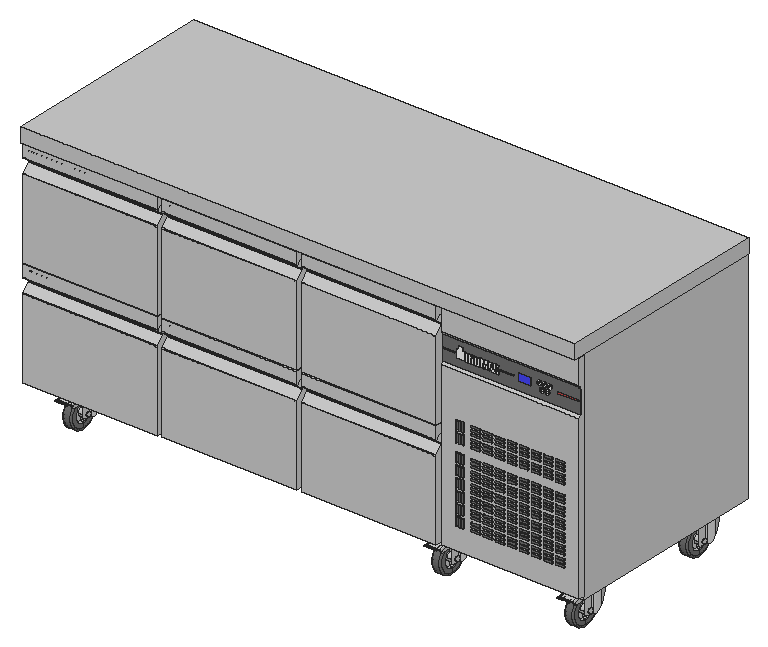
Revit family "QF_INOMAK_PNRP999_250513020157", category Specialty Equipment, Revit 2021 (continued)
Definition of nested family "QF_INOMAK_REF_COUNTERS_DOORS_DRAWERS_16448"
  Parameters (values of type "DR-LX-710")
    URL = "www.inomak.com"
    Top inset [instance] = 10 mm
    Technical Documentation [instance] = ""
    Tag Number [instance] = ""
    Status [instance] = ""
    Specification by User [instance] = ""
    Specification by Manufacturer [instance] = ""
    Sound Level [instance] = ""
    Solid Fuel Type [instance] = ""
    Show Logo [instance] = yes
    Show Clearances [instance] = yes
    Service Life Duration [instance] = ""
    Serial Number [instance] = ""
    Seismic Rating [instance] = ""
    SMACNA No [instance] = ""
    Right panel thickness [instance] = 0 mm
    Revision Code [instance] = ""
    Revision [instance] = ""
    Rear inset [instance] = 0 mm
    Production Year [instance] = ""
    Point Load [instance] = 0
    Plinth height [instance] = 0 mm
    Other Equipment Approvals [instance] = ""
    NAFEM Spec ID Number [instance] = ""
    Model Warning [instance] = ""
    Model = "DR-LX-710"
    Masterspec [instance] = ""
    Manufacturer = "INOMAK"
    Length Actual [instance] = 435 mm
    Left panel thickness [instance] = 0 mm
    Item Number [instance] = ""
    Installed By [instance] = ""
    Installation Date [instance] = ""
    Identify Quantity as Lot [instance] = yes
    ID [instance] = ""
    Hygiene Approval [instance] = ""
    Height Actual [instance] = 710 mm
    Furnished By [instance] = ""
    Front inset [instance] = 10 mm
    Foodservice Equipment Identifier [instance] = yes
    Finish [instance] = none
    ETL Approved [instance] = yes
    Doors drawers type [instance] = 8
    Description = "LEFT HINGED DOOR"
    Depth Actual [instance] = 700 mm
    Default Elevation = 0 mm
    CSI MasterFormat [instance] = ""
    CE Approved [instance] = yes
    Bottom inset [instance] = 10 mm
    Barcode [instance] = ""
    Author [instance] = ""
    Asset Identifier [instance] = ""
    Assembly Code = "E1090320"
    Accessory [instance] = yes
  Types (9, lengths in mm): name | Model | Height Actual | Doors drawers type | Description
    DW-2-710 | "DW-2-710" | 710 | 4 | "2 X GN 1/2 DRAWERS"
    DR-LX-710 | "DR-LX-710" | 710 | 8 | "LEFT HINGED DOOR"
    DR-RX-710 | "DR-RX-710" | 710 | 9 | "RIGHT HINGED DOOR"
    DW-3-710 | "DW-3-710" | 710 | 6 | "3 X GN 1/3 DRAWERS"
    DW-B-710 | "DW-B-710" | 710 | 5 | "1 X GN 1/3 & 1 X GN 2/3 DRAWERS"
    DW-2-483 | "DW-2-483" | 483 | 4 | "2 X GN 1/3 DRAWERS"
    DR-LX-483 | "DR-LX-483" | 483 | 8 | "LEFT HINGED DOOR"
    DR-RX-483 | "DR-RX-483" | 483 | 9 | "RIGHT HINGED DOOR"
    DW-1-483 | "DW-1-483" | 483 | 10 | "1 X GN 2/3 DRAWER"
  Reference planes
    plane 1 "Front": y = 0
    plane 2: z = 0
    plane 3 "Left": x = 0
    plane 4 "Right": x = 435
    plane 5 "Back": y = 700
    plane 6 "Top": z = 710
    plane 7 "Bottom shelf": z = 0
    plane 8: z = 700
    plane 9: z = 10
    plane 10: x = 0
    plane 11: x = 435
    plane 12 "Center Top Bottom": z = 355
  Lines and regions (mm)
    reference lines
      curve 1: line (0, 0, 355) -> (0, 25, 355)
      curve 2: line (435, 0, 355) -> (435, 25, 355)
      curve 3: line (0, 700, 355) -> (435, 700, 355)
      curve 4: line (0, 0, 355) -> (435, 0, 355)
  Dimensions and locks
    "Length Actual": plane 3 "Left" to plane 4 "Right"
    "Depth Actual": plane 1 "Front" to plane 5 "Back"
    "Height Actual": plane 6 "Top" to plane 7 "Bottom shelf"
    "Plinth height": plane 7 "Bottom shelf" to plane 2
    "Top inset": plane 6 "Top" to plane 8
    "Bottom inset": plane 9 to plane 7 "Bottom shelf"
    "Left panel thickness": plane 3 "Left" to plane 10
    "Right panel thickness": plane 11 to plane 4 "Right"
    equal spacing: plane 6 "Top", plane 12 "Center Top Bottom", plane 7 "Bottom shelf"
    "Length Actual": curve 1 to plane 4 "Right"
    "Length Actual": plane 3 "Left" to curve 2
    "Depth Actual": plane 1 "Front" to curve 3
    "Depth Actual": plane 5 "Back" to curve 4
    aligned and locked: level to plane 2
    aligned and locked: plane 3 "Left" to nested 1
    aligned and locked: plane 3 "Left" to nested 2
    aligned and locked: plane 3 "Left" to nested 3
    aligned and locked: plane 3 "Left" to nested 4
    aligned and locked: plane 3 "Left" to nested 5
    aligned and locked: plane 3 "Left" to nested 6
    aligned and locked: plane 3 "Left" to nested 7
    aligned and locked: plane 3 "Left" to nested 8
    aligned and locked: plane 3 "Left" to nested 9
    aligned and locked: nested 4 to plane 1 "Front"
    aligned and locked: nested 6 to plane 1 "Front"
    aligned and locked: nested 8 to plane 1 "Front"
    aligned and locked: nested 5 to plane 1 "Front"
    aligned and locked: nested 3 to plane 1 "Front"
    aligned and locked: nested 7 to plane 1 "Front"
    aligned and locked: nested 2 to plane 1 "Front"
    aligned and locked: nested 1 to plane 1 "Front"
    aligned and locked: nested 9 to plane 1 "Front"
  Automatic sketch dimensions
    curve 3 to plane 4 "Right" = 0 mm
    curve 3 to plane 3 "Left" = 0 mm
    curve 2 to curve 2 = 25 mm
    curve 1 to curve 1 = 25 mm
  Nested families
    nested 1: "Right_Door" at (0, 700, 0), Depth Actual <- "Depth Actual", Height Actual <- "Height Actual", Length Actual <- "Length Actual", Front inset <- "Front inset", Rear inset <- "Rear inset", Left panel thickness <- "Left panel thickness", Right panel thickness <- "Right panel thickness", Doors drawers type <- "Doors drawers type", Plinth height <- "Plinth height", Top inset <- "Top inset", Bottom inset <- "Bottom inset", type "Right door"
      with Top inset 10 mm, Right panel thickness 0 mm, Right hand hinged door no, Rear inset 0 mm, Plinth height 0 mm, Length Actual 435 mm, Left panel thickness 0 mm, Height Actual 710 mm, Front inset 10 mm, Doors drawers type 8, Depth Actual 700 mm, Bottom inset 10 mm
    nested 2: "Left_Door" at (0, 700, 0), Depth Actual <- "Depth Actual", Height Actual <- "Height Actual", Length Actual <- "Length Actual", Front inset <- "Front inset", Rear inset <- "Rear inset", Left panel thickness <- "Left panel thickness", Right panel thickness <- "Right panel thickness", Doors drawers type <- "Doors drawers type", Plinth height <- "Plinth height", Top inset <- "Top inset", Bottom inset <- "Bottom inset", type "Left door"
      with Top inset 10 mm, Right panel thickness 0 mm, Rear inset 0 mm, Plinth height 0 mm, Length Actual 435 mm, Left panel thickness 0 mm, Left hand hinged door yes, Height Actual 710 mm, Front inset 10 mm, Doors drawers type 8, Depth Actual 700 mm, Bottom inset 10 mm
    nested 3: "3_Drawers_1-3" at (0, 700, 0), Depth Actual <- "Depth Actual", Height Actual <- "Height Actual", Length Actual <- "Length Actual", Front inset <- "Front inset", Rear inset <- "Rear inset", Left panel thickness <- "Left panel thickness", Right panel thickness <- "Right panel thickness", Doors drawers type <- "Doors drawers type", Plinth height <- "Plinth height", Top inset <- "Top inset", Bottom inset <- "Bottom inset", type "3 Drawers 1-3"
      with Top inset 10 mm, Right panel thickness 0 mm, Rear inset 0 mm, Plinth height 0 mm, Length Actual 435 mm, Left panel thickness 0 mm, Height Actual 710 mm, Front inset 10 mm, Doors drawers type 8, Depth Actual 700 mm, Bottom inset 10 mm, 3 Drawers no
    nested 4: "2_Drawers_1-2" at (0, 700, 0), Depth Actual <- "Depth Actual", Height Actual <- "Height Actual", Length Actual <- "Length Actual", Front inset <- "Front inset", Rear inset <- "Rear inset", Left panel thickness <- "Left panel thickness", Right panel thickness <- "Right panel thickness", Doors drawers type <- "Doors drawers type", Plinth height <- "Plinth height", Top inset <- "Top inset", Bottom inset <- "Bottom inset", type "2 Drawers 1-2"
      with Top inset 10 mm, Right panel thickness 0 mm, Rear inset 0 mm, Plinth height 0 mm, Length Actual 435 mm, Left panel thickness 0 mm, Height Actual 710 mm, Front inset 10 mm, Doors drawers type 8, Depth Actual 700 mm, Bottom inset 10 mm, 2 Drawers no
    nested 5: "2_Drawers_1-3_2-3" at (0, 700, 0), Depth Actual <- "Depth Actual", Height Actual <- "Height Actual", Length Actual <- "Length Actual", Front inset <- "Front inset", Rear inset <- "Rear inset", Left panel thickness <- "Left panel thickness", Right panel thickness <- "Right panel thickness", Doors drawers type <- "Doors drawers type", Plinth height <- "Plinth height", Top inset <- "Top inset", Bottom inset <- "Bottom inset", type "2 Drawers 1-3 and 2-3"
      with Top inset 10 mm, Right panel thickness 0 mm, Rear inset 0 mm, Plinth height 0 mm, Length Actual 435 mm, Left panel thickness 0 mm, Height Actual 710 mm, Front inset 10 mm, Doors drawers type 8, Depth Actual 700 mm, Bottom inset 10 mm, 2 Drawers 1-3 and 2-3 no
    nested 6: "Sliding_Doors" at (0, 700, 0), Depth Actual <- "Depth Actual", Height Actual <- "Height Actual", Length Actual <- "Length Actual", Front inset <- "Front inset", Rear inset <- "Rear inset", Left panel thickness <- "Left panel thickness", Right panel thickness <- "Right panel thickness", Doors drawers type <- "Doors drawers type", Plinth height <- "Plinth height", Top inset <- "Top inset", Bottom inset <- "Bottom inset", Finish <- "Finish", type "Sliding doors"
      with Top inset 10 mm, Sliding doors no, Right panel thickness 0 mm, Rear inset 0 mm, Plinth height 0 mm, Length Actual 435 mm, Left panel thickness 0 mm, Height Actual 710 mm, Front inset 10 mm, Finish none, Doors drawers type 8, Depth Actual 700 mm, Bottom inset 10 mm
    nested 7: "4_Drawers_1-4" at (0, 700, 0), Depth Actual <- "Depth Actual", Height Actual <- "Height Actual", Length Actual <- "Length Actual", Front inset <- "Front inset", Rear inset <- "Rear inset", Left panel thickness <- "Left panel thickness", Right panel thickness <- "Right panel thickness", Doors drawers type <- "Doors drawers type", Plinth height <- "Plinth height", Top inset <- "Top inset", Bottom inset <- "Bottom inset", Finish <- "Finish", type "4 Drawers 1-4"
      with Top inset 10 mm, Right panel thickness 0 mm, Rear inset 0 mm, Plinth height 0 mm, Length Actual 435 mm, Left panel thickness 0 mm, Height Actual 710 mm, Front inset 10 mm, Finish none, Doors drawers type 8, Depth Actual 700 mm, Bottom inset 10 mm, 4 Drawers no
    nested 8: "Hinged_Doors" at (0, 700, 0), Length Actual <- "Length Actual", Depth Actual <- "Depth Actual", Height Actual <- "Height Actual", Front inset <- "Front inset", Rear inset <- "Rear inset", Left panel thickness <- "Left panel thickness", Right panel thickness <- "Right panel thickness", Doors drawers type <- "Doors drawers type", Plinth height <- "Plinth height", Top inset <- "Top inset", Bottom inset <- "Bottom inset", Finish <- "Finish", type "Hinged doors"
      with Top inset 10 mm, Right panel thickness 0 mm, Rear inset 0 mm, Plinth height 0 mm, Length Actual 435 mm, Left panel thickness 0 mm, Hinged doors no, Height Actual 710 mm, Front inset 10 mm, Finish none, Doors drawers type 8, Depth Actual 700 mm, Bottom inset 10 mm
    nested 9: "Hopper" at (0, 700, 1.284), Length Actual <- "Length Actual", Depth Actual <- "Depth Actual", Height Actual <- "Height Actual", Front inset <- "Front inset", Rear inset <- "Rear inset", Left panel thickness <- "Left panel thickness", Right panel thickness <- "Right panel thickness", Doors drawers type <- "Doors drawers type", Plinth height <- "Plinth height", Top inset <- "Top inset", Bottom inset <- "Bottom inset", Finish <- "Finish", type "Hopper"
      with Top inset 10 mm, Right panel thickness 0 mm, Rear inset 0 mm, Plinth height 0 mm, Length Actual 435 mm, Left panel thickness 0 mm, Hopper no, Height Actual 710 mm, Front inset 10 mm, Finish none, Doors drawers type 8, Depth Actual 700 mm, Bottom inset 10 mm
  Definition of nested family "Left_Door"
    Parameters (values of type "Left door")
      URL = "www.specifiglobal.com"
      Top inset [instance] = 10 mm
      Right panel thickness [instance] = 0 mm
      Rear inset [instance] = 0 mm
      Plinth height [instance] = 150 mm
      Model = ""
      Manufacturer = "DEMO CONSULTANT"
      Length Actual [instance] = 700 mm
      Left panel thickness [instance] = 0 mm
      Left hand hinged door [instance] = Doors drawers type = 8  # yes
      Height Actual [instance] = 710 mm
      Front inset [instance] = 10 mm
      Finish = none
      Doors drawers type [instance] = 8
      Description = ""
      Depth Actual [instance] = 700 mm
      Default Elevation = 0 mm
      Bottom inset [instance] = 0 mm
      Assembly Code = "E1090320"
    Reference planes
      plane 1 "Back": y = 0
      plane 2: z = 0
      plane 3 "Left": x = 0
      plane 4 "Right": x = 700
      plane 5 "Front": y = -700
      plane 6 "Top": z = 860
      plane 7 "Front legs": y = -690
      plane 8 "Legs top": z = 150
      plane 9 "Backsplash thickness": y = 0
      plane 10 "Left panel": x = 0
      plane 11 "Right panel": x = 700
      plane 12: z = 850
      plane 13: z = 150
    Forms (mm)
      Extrusion 1, solid, material <- "Finish", visible <- "Left hand hinged door"
        sketch origin (0, 0, 0) x (0, -1, 0) y (0, 0, 1)
          loop
            line (690, 150) -> (690, 764.365)
            arc (690, 764.365) -> (689.866, 765.037) -> (689.485, 765.607) r 1.757
            line (689.485, 765.607) -> (666.663, 788.429)
            arc (666.663, 788.429) -> (665.976, 789.458) -> (665.734, 790.672) r 3.172
            line (665.734, 790.672) -> (665.734, 817.576)
            arc (665.734, 817.576) -> (666.433, 819.262) -> (668.119, 819.961) r 2.385
            line (668.119, 819.961) -> (680.029, 819.961) -> (686.544, 810.657)
            arc (686.544, 810.657) -> (688.671, 809.935) -> (690, 811.747) r 1.9
            line (690, 811.747) -> (690, 850) -> (648, 850) -> (648, 150) -> (690, 150)
        from 0 to -700
      Extrusion 2, solid, visible <- "Left hand hinged door", detail levels coarse
        sketch origin (0, -700, 150) x (-1, 0, 0) y (0, 1, 0)
          loop
            arc (-700, 10) -> (-495.871, -481.066) -> (0, -673.23) r 677.11
            line (0, -673.23) -> (0, 10) -> (-700, 10)
        from 0 to -700
    Lines and regions (mm)
      symbolic lines, visible <- "Left hand hinged door"
        curve 1: line (0, -700, 150) -> (0, -1373.247, 150)
        curve 2: arc (0, -1373.247, 150) -> (492.316, -1184.595, 150) -> (700, -700, 150) r 676.963
    Dimensions and locks
      "Length Actual": plane 3 "Left" to plane 4 "Right"
      "Depth Actual": plane 5 "Front" to plane 1 "Back"
      "Height Actual": plane 6 "Top" to plane 8 "Legs top"
      "Front inset": plane 7 "Front legs" to plane 5 "Front"
      "Plinth height": plane 8 "Legs top" to plane 2
      "Rear inset": plane 9 "Backsplash thickness" to plane 1 "Back"
      "Right panel thickness": plane 11 "Right panel" to plane 4 "Right"
      "Left panel thickness": plane 3 "Left" to plane 10 "Left panel"
      "Top inset": plane 6 "Top" to plane 12
      "Bottom inset": plane 13 to plane 8 "Legs top"
      aligned and locked: level to plane 2
      aligned and locked: Extrusion 1 to plane 11 "Right panel"
      aligned and locked: plane 10 "Left panel" to Extrusion 2 sketch curve
      aligned and locked: plane 11 "Right panel" to Extrusion 2 sketch curve
      aligned and locked: Extrusion 2 sketch curve to plane 10 "Left panel"
      aligned and locked: plane 7 "Front legs" to Extrusion 2 sketch curve
      aligned and locked: plane 7 "Front legs" to Extrusion 2
      aligned and locked: plane 10 "Left panel" to Extrusion 2
      aligned and locked: Extrusion 2 to plane 12
      aligned and locked: Extrusion 1 sketch curve to plane 13
      aligned and locked: Extrusion 1 sketch curve to plane 7 "Front legs"
      aligned and locked: Extrusion 1 sketch curve to plane 12
    Automatic sketch dimensions
      Extrusion 1 sketch curve to Extrusion 1 sketch curve = 1.556 mm
      Extrusion 1 sketch curve to Extrusion 1 sketch curve = 11.91 mm
      Extrusion 1 sketch curve to Extrusion 1 sketch curve = 2.243 mm
      Extrusion 1 sketch curve to Extrusion 1 sketch curve = 2.385 mm
      Extrusion 1 sketch curve to Extrusion 1 sketch curve = 20.119 mm
      Extrusion 1 sketch curve to Extrusion 1 sketch curve = 22.822 mm
      Extrusion 1 sketch curve to Extrusion 1 sketch curve = 19.985 mm
      Extrusion 1 sketch curve to Extrusion 1 sketch curve = 6.919 mm
      Extrusion 1 sketch curve to Extrusion 1 sketch curve = 30.039 mm
      plane 7 "Front legs" to Extrusion 1 sketch curve = 42 mm
      Extrusion 1 sketch curve to Extrusion 1 sketch curve = 0.929 mm
      Extrusion 1 sketch curve to Extrusion 1 sketch curve = 6.515 mm
      Extrusion 1 sketch curve to Extrusion 1 sketch curve = 1.242 mm
      Extrusion 1 sketch curve to Extrusion 1 sketch curve = 1.9 mm
      Extrusion 1 sketch curve to Extrusion 1 sketch curve = 0.515 mm
      plane 5 "Front" to Extrusion 2 sketch curve = 3.492 mm
      plane 3 "Left" to Extrusion 2 sketch curve = 22.921 mm
      curve 1 to plane 3 "Left" = 0 mm
      curve 2 to plane 4 "Right" = 0 mm
      curve 2 to plane 5 "Front" = 0 mm
      curve 1 to plane 5 "Front" = 0 mm
      plane 5 "Front" to curve 2 = 3.324 mm
      plane 3 "Left" to curve 2 = 23.045 mm
  Definition of nested family "Right_Door"
    Parameters (values of type "Right door")
      URL = "www.specifiglobal.com"
      Top inset [instance] = 4 mm
      Right panel thickness [instance] = 35 mm
      Right hand hinged door [instance] = Doors drawers type = 9  # yes
      Rear inset [instance] = 10 mm
      Plinth height [instance] = 150 mm
      Model = ""
      Manufacturer = "DEMO CONSULTANT"
      Length Actual [instance] = 1700 mm
      Left panel thickness [instance] = 35 mm
      Height Actual [instance] = 900 mm
      Front inset [instance] = 10 mm
      Finish = none
      Doors drawers type [instance] = 9
      Description = ""
      Depth Actual [instance] = 700 mm
      Default Elevation = 0 mm
      Bottom inset [instance] = 4 mm
      Assembly Code = "E1090320"
    Reference planes
      plane 1 "Back": y = 0
      plane 2: z = 0
      plane 3 "Left": x = 0
      plane 4 "Right": x = 1700
      plane 5 "Front": y = -700
      plane 6 "Top": z = 1050
      plane 7 "Front legs": y = -690
      plane 8 "Legs top": z = 150
      plane 9 "Backsplash thickness": y = -10
      plane 10 "Left panel": x = 35
      plane 11 "Right panel": x = 1665
      plane 12: z = 1046
      plane 13: z = 154
    Forms (mm)
      Extrusion 1, solid, material <- "Finish", visible <- "Right hand hinged door"
        sketch origin (35, 0, 0) x (0, -1, 0) y (0, 0, 1)
          loop
            line (690, 154) -> (690, 960.365)
            arc (690, 960.365) -> (689.866, 961.037) -> (689.485, 961.607) r 1.757
            line (689.485, 961.607) -> (666.663, 984.429)
            arc (666.663, 984.429) -> (665.976, 985.458) -> (665.734, 986.672) r 3.172
            line (665.734, 986.672) -> (665.734, 1013.576)
            arc (665.734, 1013.576) -> (666.433, 1015.262) -> (668.119, 1015.961) r 2.385
            line (668.119, 1015.961) -> (680.029, 1015.961) -> (686.544, 1006.657)
            arc (686.544, 1006.657) -> (688.671, 1005.935) -> (690, 1007.747) r 1.9
            line (690, 1007.747) -> (690, 1046) -> (648, 1046) -> (648, 154) -> (690, 154)
        from 0 to -1630
      Extrusion 2, solid, visible <- "Right hand hinged door", detail levels coarse
        sketch origin (0, -700, 154) x (-1, 0, 0) y (0, 1, 0)
          loop
            line (-1665, 10) -> (-1665, -1637.12)
            arc (-1665, -1637.12) -> (-517.894, -1142.214) -> (-35, 10) r 1670.236
            line (-35, 10) -> (-1665, 10)
        from 0 to -892
    Lines and regions (mm)
      symbolic lines, visible <- "Right hand hinged door"
        curve 1: line (1665, -2337.12, 150) -> (1665, -700, 150)
        curve 2: arc (1665, -2337.12, 150) -> (521.415, -1845.762, 150) -> (35.165, -699.995, 150) r 1670.236
    Dimensions and locks
      "Length Actual": plane 3 "Left" to plane 4 "Right"
      "Depth Actual": plane 5 "Front" to plane 1 "Back"
      "Height Actual": plane 6 "Top" to plane 8 "Legs top"
      "Front inset": plane 7 "Front legs" to plane 5 "Front"
      "Plinth height": plane 8 "Legs top" to plane 2
      "Rear inset": plane 9 "Backsplash thickness" to plane 1 "Back"
      "Right panel thickness": plane 11 "Right panel" to plane 4 "Right"
      "Left panel thickness": plane 3 "Left" to plane 10 "Left panel"
      "Top inset": plane 6 "Top" to plane 12
      "Bottom inset": plane 13 to plane 8 "Legs top"
      aligned and locked: level to plane 2
      aligned and locked: Extrusion 1 to plane 11 "Right panel"
      aligned and locked: plane 10 "Left panel" to Extrusion 2 sketch curve
      aligned and locked: plane 11 "Right panel" to Extrusion 2 sketch curve
      aligned and locked: plane 7 "Front legs" to Extrusion 2
      aligned and locked: plane 7 "Front legs" to Extrusion 2 sketch curve
      aligned and locked: Extrusion 2 sketch curve to plane 11 "Right panel"
      aligned and locked: curve 1 to Extrusion 2
      aligned and locked: plane 5 "Front" to curve 1
      aligned and locked: Extrusion 2 to plane 12
      aligned and locked: Extrusion 1 sketch curve to plane 12
      aligned and locked: Extrusion 1 sketch curve to plane 7 "Front legs"
      aligned and locked: Extrusion 1 sketch curve to plane 13
      aligned and locked: curve 2 to Extrusion 2
    Automatic sketch dimensions
      Extrusion 1 sketch curve to Extrusion 1 sketch curve = 1.556 mm
      Extrusion 1 sketch curve to Extrusion 1 sketch curve = 11.91 mm
      Extrusion 1 sketch curve to Extrusion 1 sketch curve = 2.243 mm
      Extrusion 1 sketch curve to Extrusion 1 sketch curve = 2.385 mm
      Extrusion 1 sketch curve to Extrusion 1 sketch curve = 20.119 mm
      Extrusion 1 sketch curve to Extrusion 1 sketch curve = 22.822 mm
      Extrusion 1 sketch curve to Extrusion 1 sketch curve = 19.985 mm
      Extrusion 1 sketch curve to Extrusion 1 sketch curve = 6.919 mm
      Extrusion 1 sketch curve to Extrusion 1 sketch curve = 30.039 mm
      plane 7 "Front legs" to Extrusion 1 sketch curve = 42 mm
      Extrusion 1 sketch curve to Extrusion 1 sketch curve = 0.929 mm
      Extrusion 1 sketch curve to Extrusion 1 sketch curve = 6.515 mm
      Extrusion 1 sketch curve to Extrusion 1 sketch curve = 1.242 mm
      Extrusion 1 sketch curve to Extrusion 1 sketch curve = 1.9 mm
      Extrusion 1 sketch curve to Extrusion 1 sketch curve = 0.515 mm
      Extrusion 2 sketch curve to plane 4 "Right" = 5.083 mm
      plane 7 "Front legs" to Extrusion 2 sketch curve = 22.635 mm
      plane 5 "Front" to curve 2 = 0.005 mm
  Definition of nested family "3_Drawers_1-3"
    Parameters (values of type "3 Drawers 1-3")
      URL = "www.specifiglobal.com"
      Top inset [instance] = 4 mm
      Right panel thickness [instance] = 35 mm
      Rear inset [instance] = 10 mm
      Plinth height [instance] = 150 mm
      Model = ""
      Manufacturer = "DEMO CONSULTANT"
      Length Actual [instance] = 1200 mm
      Left panel thickness [instance] = 35 mm
      Height Actual [instance] = 900 mm
      Front inset [instance] = 10 mm
      Finish = none
      Doors drawers type [instance] = 6
      Description = ""
      Depth Actual [instance] = 700 mm
      Default Elevation = 0 mm
      Bottom inset [instance] = 4 mm
      Assembly Code = "E1090320"
      3 Drawers [instance] = Doors drawers type = 6  # yes
    Reference planes
      plane 1 "Back": y = 0
      plane 2: z = 0
      plane 3 "Left": x = 0
      plane 4 "Right": x = 1200
      plane 5 "Front": y = -700
      plane 6 "Top": z = 1050
      plane 7 "Front legs": y = -690
      plane 8 "Legs top": z = 150
      plane 9 "Backsplash thickness": y = -10
      plane 10 "Left panel": x = 35
      plane 11 "Right panel": x = 1165
      plane 12: z = 749.333
      plane 13: z = 1046
      plane 14: z = 751.667
      plane 15: z = 747
      plane 16: z = 1048
      plane 17: z = 450.667
      plane 18: z = 453.333
      plane 19: z = 448
      plane 20: z = 154
      plane 21: z = 152
    Forms (mm)
      Extrusion 1, solid, material <- "Finish", visible <- "3 Drawers"
        sketch origin (35, 0, 0) x (0, -1, 0) y (0, 0, 1)
          loop
            line (690, 751.667) -> (690, 960.365)
            arc (690, 960.365) -> (689.866, 961.037) -> (689.485, 961.607) r 1.757
            line (689.485, 961.607) -> (666.663, 984.429)
            arc (666.663, 984.429) -> (665.976, 985.458) -> (665.734, 986.672) r 3.172
            line (665.734, 986.672) -> (665.734, 1013.576)
            arc (665.734, 1013.576) -> (666.433, 1015.262) -> (668.119, 1015.961) r 2.385
            line (668.119, 1015.961) -> (680.029, 1015.961) -> (686.544, 1006.657)
            arc (686.544, 1006.657) -> (688.671, 1005.935) -> (690, 1007.747) r 1.9
            line (690, 1007.747) -> (690, 1046) -> (648, 1046) -> (648, 751.667) -> (690, 751.667)
        from 0 to -1130
      Extrusion 2, solid, visible <- "3 Drawers", detail levels coarse
        sketch origin (0, -640.463, 751.667) x (0, 1, 0) y (-1, 0, 0)
          loop
            line (-49.537, -35) -> (-624.582, -35) -> (-624.582, -1165) -> (-49.537, -1165) -> (-49.537, -35)
        from 0 to 294.333
      Extrusion 3, solid, visible <- "3 Drawers", detail levels coarse
        sketch origin (0, -640.463, 453.333) x (0, 1, 0) y (-1, 0, 0)
          loop
            line (-49.537, -35) -> (-624.582, -35) -> (-624.582, -1165) -> (-49.537, -1165) -> (-49.537, -35)
        from 0 to 293.667
      Extrusion 4, solid, visible <- "3 Drawers", detail levels coarse
        sketch origin (0, -700, 154) x (-1, 0, 0) y (0, 1, 0)
          loop
            line (-35, 10) -> (-1165, 10) -> (-1165, -565.045) -> (-35, -565.045) -> (-35, 10)
        from 0 to -294
      Extrusion 5, solid, material <- "Finish", visible <- "3 Drawers"
        sketch origin (35, 0, -220.667) x (0, -1, 0) y (0, 0, 1)
          loop
            line (690, 674) -> (690, 882.031)
            arc (690, 882.031) -> (689.866, 882.704) -> (689.485, 883.274) r 1.757
            line (689.485, 883.274) -> (666.663, 906.096)
            arc (666.663, 906.096) -> (665.976, 907.125) -> (665.734, 908.339) r 3.172
            line (665.734, 908.339) -> (665.734, 935.243)
            arc (665.734, 935.243) -> (666.433, 936.929) -> (668.119, 937.628) r 2.385
            line (668.119, 937.628) -> (680.029, 937.628) -> (686.544, 928.324)
            arc (686.544, 928.324) -> (688.671, 927.602) -> (690, 929.414) r 1.9
            line (690, 929.414) -> (690, 967.667) -> (648, 967.667) -> (648, 674) -> (690, 674)
        from 0 to -1130
      Extrusion 6, solid, material <- "Finish", visible <- "3 Drawers"
        sketch origin (35, 0, -441.333) x (0, -1, 0) y (0, 0, 1)
          loop
            line (690, 595.333) -> (690, 800.031)
            arc (690, 800.031) -> (689.866, 800.704) -> (689.485, 801.274) r 1.757
            line (689.485, 801.274) -> (666.663, 824.096)
            arc (666.663, 824.096) -> (665.976, 825.125) -> (665.734, 826.339) r 3.172
            line (665.734, 826.339) -> (665.734, 857.243)
            arc (665.734, 857.243) -> (666.433, 858.929) -> (668.119, 859.628) r 2.385
            line (668.119, 859.628) -> (680.029, 859.628) -> (686.544, 850.324)
            arc (686.544, 850.324) -> (688.671, 849.602) -> (690, 851.414) r 1.9
            line (690, 851.414) -> (690, 889.333) -> (648, 889.333) -> (648, 595.333) -> (690, 595.333)
        from 0 to -1130
    Lines and regions (mm)
      symbolic lines, visible <- "3 Drawers"
        curve 1: line (35, -850, 900) -> (35, -890, 900)
        curve 2: line (35, -890, 900) -> (1165, -890, 900)
        curve 3: line (1165, -890, 900) -> (1165, -850, 900)
        curve 4: line (1165, -850, 900) -> (35, -850, 900)
        curve 5: line (1135, -850, 900) -> (1135, -700, 900)
        curve 6: line (65, -850, 900) -> (65, -700, 900)
        curve 7: line (35, -1040, 900) -> (35, -1080, 900)
        curve 8: line (35, -1080, 900) -> (1165, -1080, 900)
        curve 9: line (1165, -1080, 900) -> (1165, -1040, 900)
        curve 10: line (1165, -1040, 900) -> (35, -1040, 900)
        curve 11: line (1135, -1040, 900) -> (1135, -890, 900)
        curve 12: line (65, -1040, 900) -> (65, -890, 900)
        curve 13: line (35, -1225, 900) -> (35, -1265, 900)
        curve 14: line (35, -1265, 900) -> (1165, -1265, 900)
        curve 15: line (1165, -1265, 900) -> (1165, -1225, 900)
        curve 16: line (1165, -1225, 900) -> (35, -1225, 900)
        curve 17: line (1135, -1225, 900) -> (1135, -1080, 900)
        curve 18: line (65, -1225, 900) -> (65, -1080, 900)
    Dimensions and locks
      "Length Actual": plane 3 "Left" to plane 4 "Right"
      "Depth Actual": plane 5 "Front" to plane 1 "Back"
      "Height Actual": plane 6 "Top" to plane 8 "Legs top"
      "Front inset": plane 7 "Front legs" to plane 5 "Front"
      "Plinth height": plane 8 "Legs top" to plane 2
      "Rear inset": plane 9 "Backsplash thickness" to plane 1 "Back"
      "Right panel thickness": plane 11 "Right panel" to plane 4 "Right"
      "Left panel thickness": plane 3 "Left" to plane 10 "Left panel"
      plane 14 to plane 15 = 4.667 mm
      equal spacing: plane 14, plane 12, plane 15
      locked: plane 16 to plane 13 at 2
      equal spacing: plane 18, plane 17, plane 19
      plane 18 to plane 19 = 5.333 mm
      "Bottom inset": plane 20 to plane 8 "Legs top"
      equal spacing: plane 21, plane 17, plane 12, plane 16
      "Top inset": plane 13 to plane 6 "Top"
      locked: plane 21 to plane 20 at 2
      aligned and locked: level to plane 2
      aligned and locked: Extrusion 1 to plane 11 "Right panel"
      aligned and locked: plane 10 "Left panel" to curve 1
      aligned and locked: plane 10 "Left panel" to curve 7
      aligned and locked: plane 10 "Left panel" to curve 13
      aligned and locked: Extrusion 2 sketch curve to plane 10 "Left panel"
      aligned and locked: plane 11 "Right panel" to Extrusion 2 sketch curve
      aligned and locked: Extrusion 3 sketch curve to plane 10 "Left panel"
      aligned and locked: plane 11 "Right panel" to Extrusion 3 sketch curve
      aligned and locked: Extrusion 4 sketch curve to plane 10 "Left panel"
      aligned and locked: plane 11 "Right panel" to Extrusion 4 sketch curve
      aligned and locked: Extrusion 2 to plane 13
      aligned and locked: Extrusion 3 to plane 15
      aligned and locked: Extrusion 4 to plane 19
      aligned and locked: Extrusion 5 to plane 11 "Right panel"
      aligned and locked: Extrusion 6 to plane 11 "Right panel"
      aligned and locked: Extrusion 1 sketch curve to plane 13
      aligned and locked: Extrusion 1 sketch curve to plane 7 "Front legs"
      aligned and locked: plane 18 to Extrusion 5 sketch curve
      aligned and locked: Extrusion 6 sketch curve to Extrusion 4  (x2)
      aligned and locked: Extrusion 5 sketch curve to plane 15
      aligned and locked: Extrusion 4 to Extrusion 5 sketch curve
      aligned and locked: Extrusion 6 sketch curve to plane 19
      aligned and locked: Extrusion 6 sketch curve to plane 20
    Automatic sketch dimensions
      Extrusion 2 sketch curve to plane 7 "Front legs" = 0 mm
      Extrusion 2 sketch curve to plane 5 "Front" = 565.045 mm
      Extrusion 3 sketch curve to plane 7 "Front legs" = 0 mm
      Extrusion 3 sketch curve to plane 5 "Front" = 565.045 mm
      Extrusion 4 sketch curve to plane 7 "Front legs" = 0 mm
      Extrusion 4 sketch curve to plane 5 "Front" = 565.045 mm
      curve 14 to plane 11 "Right panel" = 0 mm
      curve 8 to plane 11 "Right panel" = 0 mm
      curve 3 to plane 11 "Right panel" = 0 mm
      curve 6 to plane 5 "Front" = 0 mm
      curve 5 to plane 5 "Front" = 0 mm
      curve 1 to plane 5 "Front" = 150 mm
      curve 2 to curve 3 = 40 mm
      curve 10 to curve 1 = 150 mm
      curve 9 to curve 9 = 40 mm
      curve 13 to curve 7 = 145 mm
      curve 14 to curve 13 = 40 mm
      curve 3 to curve 5 = 30 mm
      curve 15 to curve 17 = 30 mm
      curve 11 to curve 17 = 0 mm
      curve 6 to plane 10 "Left panel" = 30 mm
      curve 18 to plane 10 "Left panel" = 30 mm
      curve 12 to curve 18 = 0 mm
      Extrusion 1 sketch curve to plane 14 = 0 mm
      Extrusion 1 sketch curve to plane 7 "Front legs" = 0 mm
      plane 7 "Front legs" to Extrusion 1 sketch curve = 0.515 mm
      plane 7 "Front legs" to Extrusion 1 sketch curve = 1.757 mm
      plane 7 "Front legs" to Extrusion 1 sketch curve = 1.9 mm
      Extrusion 1 sketch curve to Extrusion 1 sketch curve = 1.556 mm
      plane 7 "Front legs" to Extrusion 1 sketch curve = 9.971 mm
      plane 7 "Front legs" to Extrusion 1 sketch curve = 21.094 mm
      Extrusion 1 sketch curve to Extrusion 1 sketch curve = 11.91 mm
      Extrusion 1 sketch curve to Extrusion 1 sketch curve = 2.243 mm
      Extrusion 1 sketch curve to Extrusion 1 sketch curve = 2.385 mm
      Extrusion 1 sketch curve to Extrusion 1 sketch curve = 20.119 mm
      plane 13 to Extrusion 1 sketch curve = 85.635 mm
      Extrusion 1 sketch curve to Extrusion 1 sketch curve = 22.822 mm
      Extrusion 1 sketch curve to Extrusion 1 sketch curve = 19.985 mm
      Extrusion 1 sketch curve to Extrusion 1 sketch curve = 6.919 mm
      plane 15 to Extrusion 5 sketch curve = 59.328 mm
      Extrusion 5 sketch curve to Extrusion 5 sketch curve = 17.734 mm
      plane 15 to Extrusion 5 sketch curve = 61.571 mm
      Extrusion 5 sketch curve to Extrusion 5 sketch curve = 0.929 mm
      Extrusion 5 sketch curve to Extrusion 5 sketch curve = 2.385 mm
      Extrusion 5 sketch curve to Extrusion 5 sketch curve = 11.91 mm
      Extrusion 5 sketch curve to Extrusion 5 sketch curve = 6.515 mm
      Extrusion 5 sketch curve to Extrusion 5 sketch curve = 1.556 mm
      Extrusion 5 sketch curve to Extrusion 5 sketch curve = 21.58 mm
      plane 15 to Extrusion 5 sketch curve = 84.393 mm
      Extrusion 5 sketch curve to Extrusion 5 sketch curve = 1.242 mm
      Extrusion 5 sketch curve to Extrusion 5 sketch curve = 1.9 mm
      Extrusion 5 sketch curve to Extrusion 5 sketch curve = 0.515 mm
      Extrusion 5 sketch curve to Extrusion 5 sketch curve = 6.919 mm
      Extrusion 5 sketch curve to Extrusion 5 sketch curve = 30.039 mm
      plane 7 "Front legs" to Extrusion 6 sketch curve = 0.515 mm
      plane 7 "Front legs" to Extrusion 6 sketch curve = 1.757 mm
      plane 7 "Front legs" to Extrusion 6 sketch curve = 1.9 mm
      Extrusion 6 sketch curve to Extrusion 6 sketch curve = 1.556 mm
      plane 7 "Front legs" to Extrusion 6 sketch curve = 9.971 mm
      plane 7 "Front legs" to Extrusion 6 sketch curve = 21.094 mm
      Extrusion 6 sketch curve to Extrusion 6 sketch curve = 11.91 mm
      Extrusion 6 sketch curve to Extrusion 6 sketch curve = 2.243 mm
      Extrusion 6 sketch curve to Extrusion 6 sketch curve = 2.385 mm
      Extrusion 6 sketch curve to Extrusion 6 sketch curve = 20.119 mm
      plane 19 to Extrusion 6 sketch curve = 89.302 mm
      Extrusion 6 sketch curve to Extrusion 6 sketch curve = 22.822 mm
      Extrusion 6 sketch curve to Extrusion 6 sketch curve = 23.985 mm
      Extrusion 6 sketch curve to Extrusion 6 sketch curve = 6.919 mm
  Definition of nested family "2_Drawers_1-2"
    Parameters (values of type "2 Drawers 1-2")
      URL = "www.specifiglobal.com"
      Top inset [instance] = 4 mm
      Right panel thickness [instance] = 35 mm
      Rear inset [instance] = 10 mm
      Plinth height [instance] = 150 mm
      Model = ""
      Manufacturer = "DEMO CONSULTANT"
      Length Actual [instance] = 1200 mm
      Left panel thickness [instance] = 35 mm
      Height Actual [instance] = 900 mm
      Front inset [instance] = 10 mm
      Finish = none
      Doors drawers type [instance] = 4
      Description = ""
      Depth Actual [instance] = 700 mm
      Default Elevation = 0 mm
      Bottom inset [instance] = 4 mm
      Assembly Code = "E1090320"
      2 Drawers [instance] = Doors drawers type = 4  # yes
    Reference planes
      plane 1 "Back": y = 0
      plane 2: z = 0
      plane 3 "Left": x = 0
      plane 4 "Right": x = 1200
      plane 5 "Front": y = -700
      plane 6 "Top": z = 1050
      plane 7 "Front legs": y = -690
      plane 8 "Legs top": z = 150
      plane 9 "Backsplash thickness": y = -10
      plane 10 "Left panel": x = 35
      plane 11 "Right panel": x = 1165
      plane 12: z = 600
      plane 13: z = 1046
      plane 14: z = 602
      plane 15: z = 598
      plane 16: z = 154
    Forms (mm)
      Extrusion 1, solid, material <- "Finish", visible <- "2 Drawers"
        sketch origin (35, 0, 0) x (0, -1, 0) y (0, 0, 1)
          loop
            line (690, 602) -> (690, 960.365)
            arc (690, 960.365) -> (689.866, 961.037) -> (689.485, 961.607) r 1.757
            line (689.485, 961.607) -> (666.663, 984.429)
            arc (666.663, 984.429) -> (665.976, 985.458) -> (665.734, 986.672) r 3.172
            line (665.734, 986.672) -> (665.734, 1013.576)
            arc (665.734, 1013.576) -> (666.433, 1015.262) -> (668.119, 1015.961) r 2.385
            line (668.119, 1015.961) -> (680.029, 1015.961) -> (686.544, 1006.657)
            arc (686.544, 1006.657) -> (688.671, 1005.935) -> (690, 1007.747) r 1.9
            line (690, 1007.747) -> (690, 1046) -> (648, 1046) -> (648, 602) -> (690, 602)
        from 0 to -1130
      Extrusion 2, solid, visible <- "2 Drawers", detail levels coarse
        sketch origin (0, -640.463, 602) x (0, 1, 0) y (-1, 0, 0)
          loop
            line (-49.537, -35) -> (-624.537, -35) -> (-624.537, -1165) -> (-49.537, -1165) -> (-49.537, -35)
        from 0 to 444
      Extrusion 3, solid, visible <- "2 Drawers", detail levels coarse
        sketch origin (0, -700, 154) x (-1, 0, 0) y (0, 1, 0)
          loop
            line (-35, 10) -> (-1165, 10) -> (-1165, -565) -> (-35, -565) -> (-35, 10)
        from 0 to -444
      Extrusion 4, solid, material <- "Finish", visible <- "2 Drawers"
        sketch origin (35, 0, -441.333) x (0, -1, 0) y (0, 0, 1)
          loop
            line (690, 595.333) -> (690, 953.698)
            arc (690, 953.698) -> (689.866, 954.37) -> (689.485, 954.94) r 1.757
            line (689.485, 954.94) -> (666.663, 977.763)
            arc (666.663, 977.763) -> (665.976, 978.792) -> (665.734, 980.006) r 3.172
            line (665.734, 980.006) -> (665.734, 1006.909)
            arc (665.734, 1006.909) -> (666.433, 1008.596) -> (668.119, 1009.294) r 2.385
            line (668.119, 1009.294) -> (680.029, 1009.294) -> (686.544, 999.991)
            arc (686.544, 999.991) -> (688.671, 999.268) -> (690, 1001.08) r 1.9
            line (690, 1001.08) -> (690, 1039.333) -> (648, 1039.333) -> (648, 595.333) -> (690, 595.333)
        from 0 to -1130
    Lines and regions (mm)
      symbolic lines, visible <- "2 Drawers"
        curve 1: line (35, -940, 900) -> (35, -980, 900)
        curve 2: line (35, -980, 900) -> (1165, -980, 900)
        curve 3: line (1165, -980, 900) -> (1165, -940, 900)
        curve 4: line (1165, -940, 900) -> (35, -940, 900)
        curve 5: line (1135, -940, 900) -> (1135, -700, 900)
        curve 6: line (65, -940, 900) -> (65, -700, 900)
        curve 7: line (35, -1225, 900) -> (35, -1265, 900)
        curve 8: line (35, -1265, 900) -> (1165, -1265, 900)
        curve 9: line (1165, -1265, 900) -> (1165, -1225, 900)
        curve 10: line (1165, -1225, 900) -> (35, -1225, 900)
        curve 11: line (1135, -1225, 900) -> (1135, -980, 900)
        curve 12: line (65, -1225, 900) -> (65, -980, 900)
    Dimensions and locks
      "Length Actual": plane 3 "Left" to plane 4 "Right"
      "Depth Actual": plane 5 "Front" to plane 1 "Back"
      "Height Actual": plane 6 "Top" to plane 8 "Legs top"
      "Front inset": plane 7 "Front legs" to plane 5 "Front"
      "Plinth height": plane 8 "Legs top" to plane 2
      "Rear inset": plane 9 "Backsplash thickness" to plane 1 "Back"
      "Right panel thickness": plane 11 "Right panel" to plane 4 "Right"
      "Left panel thickness": plane 3 "Left" to plane 10 "Left panel"
      "Top inset": plane 6 "Top" to plane 13
      "Bottom inset": plane 16 to plane 8 "Legs top"
      equal spacing: plane 16, plane 12, plane 13
      locked: plane 14 to plane 12 at 2
      locked: plane 15 to plane 12 at 2
      aligned and locked: level to plane 2
      aligned and locked: Extrusion 1 to plane 11 "Right panel"
      aligned and locked: plane 10 "Left panel" to curve 1
      aligned and locked: plane 10 "Left panel" to curve 7
      aligned and locked: Extrusion 2 sketch curve to plane 10 "Left panel"
      aligned and locked: plane 11 "Right panel" to Extrusion 2 sketch curve
      aligned and locked: Extrusion 3 sketch curve to plane 10 "Left panel"
      aligned and locked: plane 11 "Right panel" to Extrusion 3 sketch curve
      aligned and locked: Extrusion 2 to plane 13
      aligned and locked: Extrusion 4 to plane 11 "Right panel"
      aligned and locked: Extrusion 3 to plane 15
      aligned and locked: Extrusion 1 sketch curve to plane 13
      aligned and locked: Extrusion 1 sketch curve to plane 7 "Front legs"
      aligned and locked: plane 14 to Extrusion 1 sketch curve
      aligned and locked: Extrusion 4 sketch curve to plane 15
      aligned and locked: Extrusion 4 sketch curve to plane 7 "Front legs"
      aligned and locked: Extrusion 4 sketch curve to plane 16
    Automatic sketch dimensions
      Extrusion 2 sketch curve to plane 7 "Front legs" = 0 mm
      Extrusion 2 sketch curve to plane 5 "Front" = 565 mm
      Extrusion 3 sketch curve to plane 7 "Front legs" = 0 mm
      Extrusion 3 sketch curve to plane 5 "Front" = 565 mm
      curve 9 to plane 11 "Right panel" = 0 mm
      curve 2 to plane 11 "Right panel" = 0 mm
      curve 5 to plane 5 "Front" = 0 mm
      curve 6 to plane 5 "Front" = 0 mm
      curve 1 to plane 5 "Front" = 240 mm
      curve 3 to curve 3 = 40 mm
      curve 7 to curve 1 = 245 mm
      curve 8 to curve 9 = 40 mm
      plane 11 "Right panel" to curve 5 = 30 mm
      curve 2 to curve 11 = 30 mm
      curve 6 to plane 10 "Left panel" = 30 mm
      curve 12 to plane 10 "Left panel" = 30 mm
      Extrusion 1 sketch curve to Extrusion 1 sketch curve = 17.734 mm
      Extrusion 1 sketch curve to Extrusion 1 sketch curve = 0.929 mm
      Extrusion 1 sketch curve to Extrusion 1 sketch curve = 2.385 mm
      Extrusion 1 sketch curve to Extrusion 1 sketch curve = 3.172 mm
      Extrusion 1 sketch curve to Extrusion 1 sketch curve = 11.91 mm
      Extrusion 1 sketch curve to Extrusion 1 sketch curve = 6.515 mm
      Extrusion 1 sketch curve to Extrusion 1 sketch curve = 1.556 mm
      Extrusion 1 sketch curve to Extrusion 1 sketch curve = 21.58 mm
      Extrusion 1 sketch curve to Extrusion 1 sketch curve = 1.242 mm
      Extrusion 1 sketch curve to Extrusion 1 sketch curve = 1.9 mm
      Extrusion 1 sketch curve to Extrusion 1 sketch curve = 0.515 mm
      Extrusion 1 sketch curve to Extrusion 1 sketch curve = 22.822 mm
      Extrusion 1 sketch curve to Extrusion 1 sketch curve = 19.985 mm
      Extrusion 1 sketch curve to Extrusion 1 sketch curve = 6.919 mm
      Extrusion 1 sketch curve to Extrusion 1 sketch curve = 30.039 mm
      Extrusion 4 sketch curve to plane 7 "Front legs" = 0 mm
      plane 7 "Front legs" to Extrusion 4 sketch curve = 0.515 mm
      plane 7 "Front legs" to Extrusion 4 sketch curve = 1.757 mm
      plane 7 "Front legs" to Extrusion 4 sketch curve = 1.9 mm
      Extrusion 4 sketch curve to Extrusion 4 sketch curve = 1.556 mm
      plane 7 "Front legs" to Extrusion 4 sketch curve = 9.971 mm
      plane 7 "Front legs" to Extrusion 4 sketch curve = 21.094 mm
      Extrusion 4 sketch curve to Extrusion 4 sketch curve = 11.91 mm
      Extrusion 4 sketch curve to Extrusion 4 sketch curve = 2.243 mm
      Extrusion 4 sketch curve to Extrusion 4 sketch curve = 2.385 mm
      Extrusion 4 sketch curve to Extrusion 4 sketch curve = 20.119 mm
      Extrusion 4 sketch curve to Extrusion 4 sketch curve = 22.822 mm
      Extrusion 4 sketch curve to Extrusion 4 sketch curve = 19.985 mm
      Extrusion 4 sketch curve to Extrusion 4 sketch curve = 6.919 mm
      Extrusion 4 sketch curve to Extrusion 4 sketch curve = 30.039 mm
  Definition of nested family "2_Drawers_1-3_2-3"
    Parameters (values of type "2 Drawers 1-3 and 2-3")
      URL = "www.specifiglobal.com"
      Top inset [instance] = 4 mm
      Right panel thickness [instance] = 35 mm
      Rear inset [instance] = 10 mm
      Plinth height [instance] = 150 mm
      Model = ""
      Manufacturer = "DEMO CONSULTANT"
      Length Actual [instance] = 1200 mm
      Left panel thickness [instance] = 35 mm
      Height Actual [instance] = 900 mm
      Front inset [instance] = 10 mm
      Finish = none
      Doors drawers type [instance] = 5
      Description = ""
      Depth Actual [instance] = 700 mm
      Default Elevation = 0 mm
      Bottom inset [instance] = 4 mm
      Assembly Code = "E1090320"
      2 Drawers 1-3 and 2-3 [instance] = Doors drawers type = 5  # yes
    Reference planes
      plane 1 "Back": y = 0
      plane 2: z = 0
      plane 3 "Left": x = 0
      plane 4 "Right": x = 1200
      plane 5 "Front": y = -700
      plane 6 "Top": z = 1050
      plane 7 "Front legs": y = -690
      plane 8 "Legs top": z = 150
      plane 9 "Backsplash thickness": y = -10
      plane 10 "Left panel": x = 35
      plane 11 "Right panel": x = 1165
      plane 12: z = 1046
      plane 13: z = 751.833
      plane 14: z = 746.833
      plane 15: z = 154
      plane 16: z = 450.667
      plane 17: z = 152
      plane 18: z = 1048
      plane 19: z = 749.333
    Forms (mm)
      Extrusion 1, solid, material <- "Finish", visible <- "2 Drawers 1-3 and 2-3"
        sketch origin (35, 0, 0) x (0, -1, 0) y (0, 0, 1)
          loop
            line (690, 751.833) -> (690, 960.365)
            arc (690, 960.365) -> (689.866, 961.037) -> (689.485, 961.607) r 1.757
            line (689.485, 961.607) -> (666.663, 984.429)
            arc (666.663, 984.429) -> (665.976, 985.458) -> (665.734, 986.672) r 3.172
            line (665.734, 986.672) -> (665.734, 1013.576)
            arc (665.734, 1013.576) -> (666.433, 1015.262) -> (668.119, 1015.961) r 2.385
            line (668.119, 1015.961) -> (680.029, 1015.961) -> (686.544, 1006.657)
            arc (686.544, 1006.657) -> (688.671, 1005.935) -> (690, 1007.747) r 1.9
            line (690, 1007.747) -> (690, 1046) -> (648, 1046) -> (648, 751.833) -> (690, 751.833)
        from 0 to -1130
      Extrusion 2, solid, visible <- "2 Drawers 1-3 and 2-3", detail levels coarse
        sketch origin (0, -640.463, 751.833) x (0, 1, 0) y (-1, 0, 0)
          loop
            line (-49.537, -35) -> (-624.537, -35) -> (-624.537, -1165) -> (-49.537, -1165) -> (-49.537, -35)
        from 0 to 294.167
      Extrusion 3, solid, visible <- "2 Drawers 1-3 and 2-3", detail levels coarse
        sketch origin (0, -700, 154) x (-1, 0, 0) y (0, 1, 0)
          loop
            line (-35, 10) -> (-1165, 10) -> (-1165, -565) -> (-35, -565) -> (-35, 10)
        from 0 to -592.833
      Extrusion 4, solid, material <- "Finish", visible <- "2 Drawers 1-3 and 2-3"
        sketch origin (35, 0, -441.333) x (0, -1, 0) y (0, 0, 1)
          loop
            line (690, 595.333) -> (690, 1101.698)
            arc (690, 1101.698) -> (689.866, 1102.37) -> (689.485, 1102.94) r 1.757
            line (689.485, 1102.94) -> (666.663, 1126.596)
            arc (666.663, 1126.596) -> (665.976, 1127.625) -> (665.734, 1128.839) r 3.172
            line (665.734, 1128.839) -> (665.734, 1155.743)
            arc (665.734, 1155.743) -> (666.433, 1157.429) -> (668.119, 1158.128) r 2.385
            line (668.119, 1158.128) -> (680.029, 1158.128) -> (686.544, 1148.824)
            arc (686.544, 1148.824) -> (688.671, 1148.102) -> (690, 1149.914) r 1.9
            line (690, 1149.914) -> (690, 1188.167) -> (648, 1188.167) -> (648, 595.333) -> (690, 595.333)
        from 0 to -1130
    Lines and regions (mm)
      symbolic lines, visible <- "2 Drawers 1-3 and 2-3"
        curve 1: line (35, -1000, 900) -> (35, -1040, 900)
        curve 2: line (35, -1040, 900) -> (1165, -1040, 900)
        curve 3: line (1165, -1040, 900) -> (1165, -1000, 900)
        curve 4: line (1165, -1000, 900) -> (35, -1000, 900)
        curve 5: line (1135, -1000, 900) -> (1135, -700, 900)
        curve 6: line (65, -1000, 900) -> (65, -700, 900)
        curve 7: line (35, -1225, 900) -> (35, -1265, 900)
        curve 8: line (35, -1265, 900) -> (1165, -1265, 900)
        curve 9: line (1165, -1265, 900) -> (1165, -1225, 900)
        curve 10: line (1165, -1225, 900) -> (35, -1225, 900)
        curve 11: line (1135, -1225, 900) -> (1135, -1040, 900)
        curve 12: line (65, -1225, 900) -> (65, -1040, 900)
    Dimensions and locks
      "Length Actual": plane 3 "Left" to plane 4 "Right"
      "Depth Actual": plane 5 "Front" to plane 1 "Back"
      "Height Actual": plane 6 "Top" to plane 8 "Legs top"
      "Front inset": plane 7 "Front legs" to plane 5 "Front"
      "Plinth height": plane 8 "Legs top" to plane 2
      "Rear inset": plane 9 "Backsplash thickness" to plane 1 "Back"
      "Right panel thickness": plane 11 "Right panel" to plane 4 "Right"
      "Left panel thickness": plane 3 "Left" to plane 10 "Left panel"
      "Top inset": plane 6 "Top" to plane 12
      locked: plane 13 to plane 14 at 5
      "Bottom inset": plane 15 to plane 8 "Legs top"
      equal spacing: plane 17, plane 16, plane 19, plane 18
      equal spacing: plane 12, plane 18, plane 6 "Top"
      equal spacing: plane 14, plane 19, plane 13
      equal spacing: plane 15, plane 17, plane 8 "Legs top"
      aligned and locked: level to plane 2
      aligned and locked: Extrusion 1 to plane 11 "Right panel"
      aligned and locked: plane 10 "Left panel" to curve 1
      aligned and locked: plane 10 "Left panel" to curve 7
      aligned and locked: Extrusion 2 sketch curve to plane 10 "Left panel"
      aligned and locked: plane 11 "Right panel" to Extrusion 2 sketch curve
      aligned and locked: Extrusion 3 sketch curve to plane 10 "Left panel"
      aligned and locked: plane 11 "Right panel" to Extrusion 3 sketch curve
      aligned and locked: Extrusion 2 to plane 12
      aligned and locked: Extrusion 4 to plane 11 "Right panel"
      aligned and locked: Extrusion 3 to plane 14
      aligned and locked: plane 13 to Extrusion 1 sketch curve
      aligned and locked: Extrusion 2 to Extrusion 1 sketch curve
      aligned and locked: Extrusion 3 to Extrusion 4 sketch curve
      aligned and locked: Extrusion 4 sketch curve to Extrusion 3  (x2)
      aligned and locked: Extrusion 1 sketch curve to plane 7 "Front legs"
    Automatic sketch dimensions
      Extrusion 2 sketch curve to plane 7 "Front legs" = 0 mm
      Extrusion 2 sketch curve to plane 5 "Front" = 565 mm
      Extrusion 3 sketch curve to plane 7 "Front legs" = 0 mm
      Extrusion 3 sketch curve to plane 5 "Front" = 565 mm
      curve 9 to plane 11 "Right panel" = 0 mm
      curve 2 to plane 11 "Right panel" = 0 mm
      curve 5 to plane 5 "Front" = 0 mm
      curve 6 to plane 5 "Front" = 0 mm
      curve 1 to plane 5 "Front" = 300 mm
      curve 3 to curve 3 = 40 mm
      curve 7 to curve 1 = 185 mm
      curve 8 to curve 9 = 40 mm
      plane 11 "Right panel" to curve 5 = 30 mm
      curve 11 to curve 5 = 0 mm
      curve 6 to plane 10 "Left panel" = 30 mm
      curve 12 to curve 6 = 0 mm
      Extrusion 1 sketch curve to plane 7 "Front legs" = 0 mm
      plane 7 "Front legs" to Extrusion 1 sketch curve = 0.515 mm
      plane 7 "Front legs" to Extrusion 1 sketch curve = 1.757 mm
      plane 7 "Front legs" to Extrusion 1 sketch curve = 1.9 mm
      Extrusion 1 sketch curve to Extrusion 1 sketch curve = 1.556 mm
      plane 7 "Front legs" to Extrusion 1 sketch curve = 9.971 mm
      plane 7 "Front legs" to Extrusion 1 sketch curve = 21.094 mm
      Extrusion 1 sketch curve to Extrusion 1 sketch curve = 11.91 mm
      Extrusion 1 sketch curve to Extrusion 1 sketch curve = 2.243 mm
      Extrusion 1 sketch curve to Extrusion 1 sketch curve = 2.385 mm
      Extrusion 1 sketch curve to Extrusion 1 sketch curve = 20.119 mm
      plane 12 to Extrusion 1 sketch curve = 85.635 mm
      Extrusion 1 sketch curve to Extrusion 1 sketch curve = 22.822 mm
      Extrusion 1 sketch curve to Extrusion 1 sketch curve = 19.985 mm
      Extrusion 1 sketch curve to Extrusion 1 sketch curve = 6.919 mm
      plane 12 to Extrusion 1 sketch curve = 0 mm
      Extrusion 4 sketch curve to plane 7 "Front legs" = 0 mm
      plane 7 "Front legs" to Extrusion 4 sketch curve = 0.515 mm
      plane 7 "Front legs" to Extrusion 4 sketch curve = 1.9 mm
      Extrusion 4 sketch curve to Extrusion 4 sketch curve = 1.556 mm
      plane 7 "Front legs" to Extrusion 4 sketch curve = 9.971 mm
      plane 7 "Front legs" to Extrusion 4 sketch curve = 21.094 mm
      Extrusion 4 sketch curve to Extrusion 4 sketch curve = 11.91 mm
      Extrusion 4 sketch curve to Extrusion 4 sketch curve = 2.243 mm
      Extrusion 4 sketch curve to Extrusion 4 sketch curve = 2.385 mm
      Extrusion 4 sketch curve to Extrusion 4 sketch curve = 20.119 mm
      Extrusion 4 sketch curve to Extrusion 4 sketch curve = 86.469 mm
      Extrusion 4 sketch curve to Extrusion 4 sketch curve = 23.656 mm
      Extrusion 4 sketch curve to Extrusion 4 sketch curve = 19.985 mm
      Extrusion 4 sketch curve to Extrusion 4 sketch curve = 6.919 mm
      plane 7 "Front legs" to Extrusion 4 sketch curve = 1.757 mm
  Definition of nested family "Sliding_Doors"
    Parameters (values of type "Sliding doors")
      URL = "www.specifiglobal.com"
      Top inset [instance] = 4 mm
      Sliding doors [instance] = Doors drawers type = 2  # yes
      Right panel thickness [instance] = 35 mm
      Rear inset [instance] = 10 mm
      Plinth height [instance] = 150 mm
      Model = ""
      Manufacturer = "DEMO CONSULTANT"
      Length Actual [instance] = 1200 mm
      Left panel thickness [instance] = 35 mm
      Height Actual [instance] = 900 mm
      Front inset [instance] = 10 mm
      Finish [instance] = none
      Doors drawers type [instance] = 2
      Description = ""
      Depth Actual [instance] = 700 mm
      Default Elevation = 0 mm
      Bottom inset [instance] = 4 mm
      Assembly Code = "E1090320"
    Reference planes
      plane 1 "Back": y = 0
      plane 2: z = 0
      plane 3 "Left": x = 0
      plane 4 "Right": x = 1200
      plane 5 "Front": y = -700
      plane 6 "Top": z = 1050
      plane 7 "Front legs": y = -690
      plane 8 "Legs top": z = 150
      plane 9 "Backsplash thickness": y = -10
      plane 10: x = 35
      plane 11: x = 1165
      plane 12 "Center Left-Right": x = 600
      plane 13: z = 154
      plane 14: z = 1046
    Forms (mm)
      Extrusion 1, solid, material <- "Finish", visible <- "Sliding doors"
        sketch origin (0, -690, 154) x (-1, 0, 0) y (0, 1, 0)
          loop
            line (-35, 10) -> (-35, 20) -> (-620, 20) -> (-620, 0) -> (-91.156, 0)
            arc (-91.156, 0) -> (-85.272, 0.885) -> (-79.91, 3.461) r 20
            line (-79.91, 3.461) -> (-60, 17) -> (-38, 17) -> (-38, 10)
            arc (-38, 10) -> (-40.05, 5.05) -> (-45, 3) r 7
            line (-45, 3) -> (-50.012, 3) -> (-50.012, 0) -> (-45, 0)
            arc (-45, 0) -> (-37.929, 2.929) -> (-35, 10) r 10
        from 0 to -892
      Extrusion 2, solid, material <- "Finish", visible <- "Sliding doors"
        sketch origin (0, -689, 154) x (-1, 0, 0) y (0, 1, 0)
          loop
            arc (-1065, 30) -> (-1062.071, 22.929) -> (-1055, 20) r 10
            line (-1055, 20) -> (-1049.988, 20) -> (-1049.988, 23) -> (-1055, 23)
            arc (-1055, 23) -> (-1059.95, 25.05) -> (-1062, 30) r 7
            line (-1062, 30) -> (-1062, 37) -> (-1040, 37) -> (-1020.09, 23.461)
            arc (-1020.09, 23.461) -> (-1014.728, 20.885) -> (-1008.844, 20) r 20
            line (-1008.844, 20) -> (-480, 20) -> (-480, 40) -> (-1065, 40) -> (-1065, 30)
        from 0 to -892
    Lines and regions (mm)
      symbolic lines, visible <- "Sliding doors"
        curve 1: line (1065, -649, 150) -> (480, -649, 150)
        curve 2: line (1065, -669, 150) -> (1065, -649, 150)
        curve 3: line (480, -669, 150) -> (1065, -669, 150)
        curve 4: line (480, -649, 150) -> (480, -669, 150)
        curve 5: line (620, -690, 150) -> (35, -690, 150)
        curve 6: line (620, -670, 150) -> (620, -690, 150)
        curve 7: line (35, -670, 150) -> (620, -670, 150)
        curve 8: line (35, -690, 150) -> (35, -670, 150)
    Dimensions and locks
      "Length Actual": plane 3 "Left" to plane 4 "Right"
      "Depth Actual": plane 5 "Front" to plane 1 "Back"
      "Height Actual": plane 6 "Top" to plane 8 "Legs top"
      "Front inset": plane 7 "Front legs" to plane 5 "Front"
      "Plinth height": plane 8 "Legs top" to plane 2
      "Rear inset": plane 9 "Backsplash thickness" to plane 1 "Back"
      "Right panel thickness": plane 11 to plane 4 "Right"
      "Left panel thickness": plane 3 "Left" to plane 10
      equal spacing: plane 10, plane 12 "Center Left-Right", plane 11
      "Top inset": plane 6 "Top" to plane 14
      "Bottom inset": plane 13 to plane 8 "Legs top"
      locked: plane 12 "Center Left-Right" to curve 4 at 120
      locked: plane 12 "Center Left-Right" to curve 5 at 20
      locked: plane 11 to curve 1 at 100
      aligned and locked: level to plane 2
      aligned and locked: Extrusion 1 sketch curve to plane 7 "Front legs"
      aligned and locked: Extrusion 1 sketch curve to plane 10
      aligned and locked: Extrusion 1 to plane 14
      aligned and locked: Extrusion 2 to plane 14
      aligned and locked: curve 8 to plane 10
    Automatic sketch dimensions
      Extrusion 2 sketch curve to Extrusion 2 sketch curve = 0 mm  (x2)
      plane 11 to Extrusion 2 sketch curve = 100 mm
      Extrusion 2 sketch curve to Extrusion 2 sketch curve = 3 mm
      Extrusion 2 sketch curve to Extrusion 2 sketch curve = 7 mm  (x2)
      Extrusion 2 sketch curve to Extrusion 2 sketch curve = 5.012 mm
      plane 7 "Front legs" to Extrusion 2 sketch curve = 38 mm
      Extrusion 2 sketch curve to Extrusion 2 sketch curve = 15 mm
      plane 7 "Front legs" to Extrusion 2 sketch curve = 24.461 mm
      Extrusion 2 sketch curve to Extrusion 2 sketch curve = 19.91 mm
      Extrusion 2 sketch curve to Extrusion 2 sketch curve = 11.246 mm
      Extrusion 2 sketch curve to plane 12 "Center Left-Right" = 120 mm
      Extrusion 2 sketch curve to Extrusion 2 sketch curve = 16.539 mm
      Extrusion 2 sketch curve to Extrusion 2 sketch curve = 20 mm
      Extrusion 1 sketch curve to Extrusion 1 sketch curve = 0 mm  (x2)
      Extrusion 1 sketch curve to plane 7 "Front legs" = 0 mm
      Extrusion 1 sketch curve to plane 10 = 3 mm
      Extrusion 1 sketch curve to Extrusion 1 sketch curve = 7 mm
      Extrusion 1 sketch curve to Extrusion 1 sketch curve = 5.012 mm
      Extrusion 1 sketch curve to Extrusion 1 sketch curve = 15 mm
      plane 7 "Front legs" to Extrusion 1 sketch curve = 3.461 mm
      Extrusion 1 sketch curve to Extrusion 1 sketch curve = 19.91 mm
      Extrusion 1 sketch curve to Extrusion 1 sketch curve = 11.246 mm
      plane 12 "Center Left-Right" to Extrusion 1 sketch curve = 20 mm
      Extrusion 1 sketch curve to Extrusion 1 sketch curve = 20 mm
      Extrusion 1 sketch curve to Extrusion 1 sketch curve = 3 mm
      curve 8 to plane 7 "Front legs" = 0 mm
      curve 5 to curve 6 = 20 mm
      plane 7 "Front legs" to curve 2 = 21 mm
      curve 2 to curve 2 = 20 mm
  Definition of nested family "4_Drawers_1-4"
    Parameters (values of type "4 Drawers 1-4")
      URL = "www.specifiglobal.com"
      Top inset [instance] = 4 mm
      Right panel thickness [instance] = 35 mm
      Rear inset [instance] = 10 mm
      Plinth height [instance] = 150 mm
      Model = ""
      Manufacturer = "DEMO CONSULTANT"
      Length Actual [instance] = 1200 mm
      Left panel thickness [instance] = 35 mm
      Height Actual [instance] = 900 mm
      Front inset [instance] = 10 mm
      Finish [instance] = none
      Doors drawers type [instance] = 7
      Description = ""
      Depth Actual [instance] = 700 mm
      Default Elevation = 0 mm
      Bottom inset [instance] = 4 mm
      Assembly Code = "E1090320"
      4 Drawers [instance] = Doors drawers type = 7  # yes
    Reference planes
      plane 1 "Back": y = 0
      plane 2: z = 0
      plane 3 "Left": x = 0
      plane 4 "Right": x = 1200
      plane 5 "Front": y = -700
      plane 6 "Top": z = 1050
      plane 7 "Front legs": y = -690
      plane 8 "Legs top": z = 150
      plane 9 "Backsplash thickness": y = -10
      plane 10 "Left panel": x = 35
      plane 11 "Right panel": x = 1165
      plane 12: z = 824.25
      plane 13: z = 1046
      plane 14: z = 826.083
      plane 15: z = 822.417
      plane 16: z = 1048.5
      plane 17: z = 375.75
      plane 18: z = 377.917
      plane 19: z = 373.583
      plane 20: z = 154
      plane 21: z = 151.5
      plane 22: z = 600
      plane 23: z = 601.833
      plane 24: z = 598.167
    Forms (mm)
      Extrusion 1, solid, material <- "Finish", visible <- "4 Drawers"
        sketch origin (35, 0, -1) x (0, -1, 0) y (0, 0, 1)
          loop
            line (680, 1047) -> (670, 1047) -> (670, 827.083) -> (690, 827.083) -> (690, 990.844)
            arc (690, 990.844) -> (689.115, 996.728) -> (686.539, 1002.09) r 20
            line (686.539, 1002.09) -> (673, 1022) -> (673, 1044) -> (680, 1044)
            arc (680, 1044) -> (684.95, 1041.95) -> (687, 1037) r 7
            line (687, 1037) -> (687, 1031.988) -> (690, 1031.988) -> (690, 1037)
